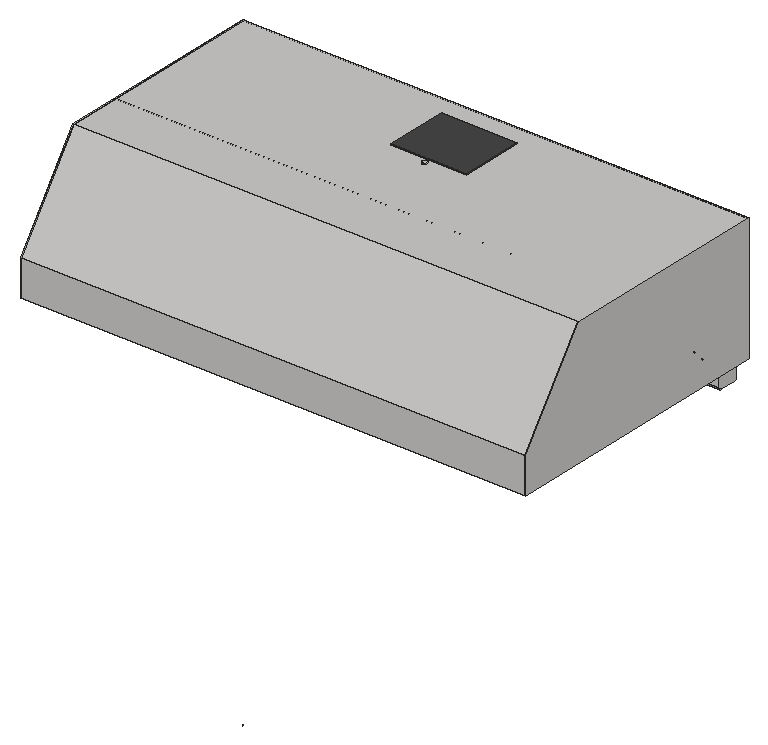
Revit family "QF_ELECTROLUXPROFESSIONAL_644222_ABPV1120BT", category Attrezzature speciali, Revit 2021
Family settings
  Quota connettore circolare = Usa diametro
  Tipo di parte = Normale
  Basato su piano di lavoro = No
  Sempre verticale = Sì
  Taglio con vuoti quando caricato = No
  Condiviso = No
  Punto di calcolo locali = No
Parameters (values of type "Standard")
  Weight = 66.00 kg
  Watts = 420 W
  Volts = 220 V
  URL Manufacturer = "https://www.electroluxprofessional.com/"
  URL = "https://www.electroluxprofessional.com/"
  Steam Supply Size = 0 mm
  Steam Supply Minimum Pressure = 0.0 Pa
  Steam Supply Maximum Pressure = 0.0 Pa
  Steam Consumption per Hour = 0
  Refrigeration Suction Line Size = 0 mm
  Refrigeration Liquid Line Size = 0 mm
  Refrigerant Compressor Remote = yes
  Prospetto di default = 0 mm
  Produttore = "Electrolux Professional"
  Phase = 1
  Modello = "ABPV1120BT"
  Length Actual = 2000 mm  # constant formula
  Item Number = "644222"
  Hot Water Size = 0 mm
  Height Actual = 500 mm  # constant formula
  HP = "0.6 HP"
  Gas Size = 0 mm
  Gas KW = 0
  Gas Input Pressure = 0 W
  Direct Waste Size = 0 mm
  Descrizione = "430 S/S WALL HOOD+FILTER+FAN 2000X1100MM"
  Depth Actual = 1100 mm  # constant formula
  Cycle = 50 Hz
  Condensate Return Size = 0 mm
  Compressed Air Volume = 0.0 L/s
  Compressed Air Size = 0 mm
  Compressed Air Pressure = 0.0 Pa
  Cold Water Size = 0 mm
  Accessory = yes
Reference planes
  plane 1 "Center (Front/Back)": y = 0
  plane 2: z = 0
  plane 3 "Center (Left/Right)": x = 150
  plane 4 "LEFT": x = -850
  plane 5 "RIGHT": x = 1150
  plane 6 "BACK": y = 550
  plane 7 "FRONT": y = -550
  plane 8 "TOP": z = 2500
  plane 9 "Base": z = 2000
  plane 10: z = 1926
  plane 11 "DrainY": y = 485
  plane 12: x = -847
  plane 13: through (0, 414.509, 2000.8) normal (0, 0.7314, 0.682)
  plane 14: y = 470
  plane 15: y = 220
  plane 16 "DrainX": x = 1030
  plane 17: x = 0
  plane 18: x = 300
  plane 19: x = 1147
  plane 20: x = 940
  plane 21: x = 1120
  plane 22: x = -810
  plane 23: x = 1110
  plane 24: x = -47.5
  plane 25: x = 347.5
  plane 26: z = 2140.01
  plane 27: y = 200
Forms (mm)
  Extrusion 1, solid, material "QF_Finishes_Stainless Steel"
    sketch origin (-850, 0, 360) x (0, 1, 0) y (0, 0, 1)
      loop
        line (550, 1640) -> (550, 2140) -> (-290, 2140) -> (-550, 1780.01) -> (-550, 1640) -> (550, 1640)
    from 0 to 3
  Extrusion 2, solid, material "QF_Finishes_Stainless Steel"
    sketch origin (150, 0, 360) x (0, 1, 0) y (0, 0, 1)
      loop
        line (415.255, 1640) -> (550, 1640) -> (550, 2139.19) -> (549.2, 2139.19) -> (549.2, 1640.8) -> (415.876, 1640.8) -> (339.347, 1722.867) -> (349.609, 1732.436) -> (348.927, 1733.167) -> (337.934, 1722.917) -> (415.255, 1640)
      loop
        line (-82.203, 2139.19) -> (-82.203, 2118.6) -> (-31.047, 2118.6) -> (34.354, 2048.466) -> (46.028, 2059.352) -> (45.346, 2060.083) -> (34.403, 2049.879) -> (-30.612, 2119.6) -> (-81.203, 2119.6) -> (-81.203, 2139.19) -> (-82.203, 2139.19)
    from -997 to 997
  Extrusion 3, solid, material "QF_Finishes_Stainless Steel"
    sketch origin (1150, 0, 360) x (0, 1, 0) y (0, 0, 1)
      loop
        line (550, 1640) -> (550, 2140) -> (-290, 2140) -> (-550, 1780.01) -> (-550, 1640) -> (550, 1640)
    from 0 to -3
  Extrusion 4, solid, material "QF_Finishes_Stainless Steel"
    sketch origin (150, 0, 360) x (0, 1, 0) y (0, 0, 1)
      loop
        line (-550, 1780.01) -> (-550, 1640) -> (-549.2, 1640) -> (-549.2, 1779.751) -> (-289.598, 2139.19) -> (550, 2139.19) -> (550, 2140) -> (-290, 2140) -> (-550, 1780.01)
    from -1000 to 1000
  Extrusion 5, solid, material "QF_Finishes_Stainless Steel"
    sketch origin (150, 0, 360) x (0, 1, 0) y (0, 0, 1)
      loop
        line (534, 1640) -> (436, 1640) -> (436, 1627) -> (443.5, 1627) -> (443.5, 1576)
        arc (443.5, 1576) -> (446.429, 1568.929) -> (453.5, 1566) r 10
        line (453.5, 1566) -> (516.5, 1566)
        arc (516.5, 1566) -> (523.571, 1568.929) -> (526.5, 1576) r 10
        line (526.5, 1576) -> (526.5, 1627) -> (534, 1627) -> (534, 1640)
    from 790 to 970
  Extrusion 6, solid, material "QF_Finishes_Stainless Steel"
    sketch origin (0, 0, 2000) x (0, 1, 0) y (-1, 0, 0)
      loop
        circle (485, -1030) r 20
    from -76 to -74
  Extrusion 7, solid, material "QF_Finished_Chrome"
    sketch origin (150, 0, 360) x (0, 1, 0) y (0, 0, 1)
      loop
        line (337.934, 1722.917) -> (341.591, 1726.327) -> (38.011, 2051.876) -> (34.354, 2048.466) -> (337.934, 1722.917)
    from -197.5 to -960
  Extrusion 8, solid, material "QF_Finishes_Stainless Steel"
    sketch origin (150, 0, 360) x (0, 1, 0) y (0, 0, 1)
      loop
        line (337.934, 1722.917) -> (341.591, 1726.327) -> (38.011, 2051.876) -> (34.354, 2048.466) -> (337.934, 1722.917)
    from 997 to 960
  Extrusion 9, solid, material "QF_Finished_Chrome"
    sketch origin (150, 0, 360) x (0, 1, 0) y (0, 0, 1)
      loop
        line (341.588, 1726.324) -> (38.009, 2051.874) -> (34.354, 2048.466) -> (337.934, 1722.917) -> (341.588, 1726.324)
    from 197.5 to 960
  Extrusion 10, solid, material "QF_Finishes_Black"
    sketch origin (0, 0, 2500) x (0, 1, 0) y (-1, 0, 0)
      loop
        line (470, -300) -> (470, 0) -> (220, 0) -> (220, -300) -> (470, -300)
    from 5 to 0
  Extrusion 11, solid, material "QF_Finishes_Stainless Steel"
    sketch origin (0, 0, 0) x (1, 0, 0) y (0, 1, 0)
      loop
        line (-850, 550) -> (-850, 549) -> (-849, 549) -> (-849, 550) -> (-850, 550)
    from 0 to 1
  Extrusion 12, solid, material "QF_Finishes_Stainless Steel"
    sketch origin (150, 0, 360) x (0, 1, 0) y (0, 0, 1)
      loop
        line (337.934, 1722.917) -> (341.591, 1726.327) -> (38.011, 2051.876) -> (34.354, 2048.466) -> (337.934, 1722.917)
    from -960 to -997
  Extrusion 13, solid, material "QF_Finishes_Stainless Steel"
    sketch origin (150, 0, 360) x (0, 1, 0) y (0, 0, 1)
      loop
        line (337.934, 1722.917) -> (341.591, 1726.327) -> (38.011, 2051.876) -> (34.354, 2048.466) -> (337.934, 1722.917)
    from 197.5 to -197.5
  Extrusion 14, solid, material "QF_Finishes_Stainless Steel"
    sketch origin (0, 0, 2500) x (0, 1, 0) y (-1, 0, 0)
      loop
        circle (200, -150) r 10
    from 0 to 1.6
Cuts and joins
  joined: Extrusion 2, Extrusion 4
Lines and regions (mm)
  reference lines
    curve 1: line (150, 34.354, 2408.466) -> (150, 34.354, 2248.466)
  symbolic lines, style "SpecialityEquipment", detail levels coarse
    curve 2: line (1150, 550, 2500) -> (-850, 550, 2500)
    curve 3: line (-850, 550, 2500) -> (-850, -550, 2500)
    curve 4: line (1150, -550, 2500) -> (1150, 550, 2500)
    curve 5: line (-850, -550, 2500) -> (1150, -550, 2500)
    curve 6: line (300, 220, 2500) -> (0, 220, 2500)
    curve 7: line (300, 470, 2500) -> (300, 220, 2500)
    curve 8: line (0, 470, 2500) -> (300, 470, 2500)
    curve 9: line (0, 220, 2500) -> (0, 470, 2500)
    curve 10: line (-850, -290, 0) -> (1150, -290, 0)
    curve 11: line (-850, 550, 0) -> (1150, -290, 0)
    curve 12: line (-850, -290, 0) -> (1150, 550, 0)
Dimensions and locks
  plane 4 "LEFT" to plane 5 "RIGHT" = 2000 mm
  equal spacing: plane 4 "LEFT", plane 3 "Center (Left/Right)", plane 5 "RIGHT"
  locked: plane 8 "TOP" to plane 9 "Base" at 500
  plane 9 "Base" to plane 10 = 74 mm
  plane 6 "BACK" to plane 11 "DrainY" = 65 mm  (x2)
  plane 4 "LEFT" to plane 12 = 3 mm
  plane 6 "BACK" to plane 14 = 80 mm
  plane 14 to plane 15 = 250 mm  (x2)
  plane 16 "DrainX" to plane 5 "RIGHT" = 120 mm
  plane 19 to plane 5 "RIGHT" = 3 mm
  locked: plane 20 to plane 16 "DrainX" at 90
  locked: plane 16 "DrainX" to plane 21 at 90
  plane 6 "BACK" to plane 7 "FRONT" = 1100 mm  (x2)
  equal spacing: plane 6 "BACK", plane 1 "Center (Front/Back)", plane 7 "FRONT"
  plane 15 to plane 7 "FRONT" = 770 mm
  plane 14 to plane 6 "BACK" = 80 mm
  locked: plane 4 "LEFT" to plane 22 at 40
  locked: plane 23 to plane 5 "RIGHT" at 40
  locked: plane 24 to plane 25 at 395
  equal spacing: plane 24, plane 3 "Center (Left/Right)", plane 25
  locked: plane 17 to plane 18 at 300
  equal spacing: plane 17, plane 3 "Center (Left/Right)", plane 18
  curve 10 to plane 7 "FRONT" = 260 mm
  curve 10 to plane 6 "BACK" = 840 mm
  plane 9 "Base" to level = 2000 mm
  plane 26 to plane 9 "Base" = 140.01 mm
  plane 15 to plane 27 = 20 mm
  aligned and locked: level to plane 2
  aligned and locked: Extrusion 2 to Extrusion 1
  aligned and locked: Extrusion 2 to Extrusion 3
  aligned and locked: plane 5 "RIGHT" to Extrusion 4
  aligned and locked: Extrusion 4 to plane 4 "LEFT"
  aligned and locked: plane 19 to Extrusion 8
  aligned and locked: Extrusion 10 to plane 17
  aligned and locked: Extrusion 10 to plane 15
  aligned and locked: Extrusion 10 to plane 14
  aligned and locked: Extrusion 2 to Extrusion 4
  aligned and locked: plane 21 to Extrusion 5
  aligned and locked: Extrusion 5 to plane 20
  aligned and locked: Extrusion 8 to plane 23
  aligned and locked: Extrusion 9 to plane 23
  aligned and locked: Extrusion 7 to plane 22
  aligned and locked: Extrusion 12 to plane 12
  aligned and locked: plane 22 to Extrusion 12
  aligned and locked: Extrusion 3 to plane 19
  aligned and locked: Extrusion 10 to plane 18
  aligned and locked: plane 18 to curve 7
  aligned and locked: plane 25 to Extrusion 13
  aligned and locked: Extrusion 13 to plane 24
  aligned and locked: Extrusion 9 to plane 25
Automatic sketch dimensions
  curve 5 to plane 5 "RIGHT" = 0 mm
  curve 5 to plane 7 "FRONT" = 0 mm
  curve 6 to plane 15 = 0 mm
  plane 14 to curve 8 = 0 mm
  curve 3 to plane 4 "LEFT" = 0 mm
  curve 3 to plane 6 "BACK" = 0 mm
  curve 6 to plane 17 = 0 mm
  Extrusion 2 sketch curve to plane 13 = 0 mm  (x3)
  Extrusion 2 sketch curve to plane 9 "Base" = 0 mm
  plane 13 to Extrusion 2 sketch curve = 0 mm
  Extrusion 2 sketch curve to plane 6 "BACK" = 0 mm
  Extrusion 2 sketch curve to Extrusion 2 sketch curve = 65.646 mm
  Extrusion 2 sketch curve to Extrusion 2 sketch curve = 0.682 mm  (x2)
  Extrusion 2 sketch curve to Extrusion 2 sketch curve = 10.261 mm
  plane 9 "Base" to Extrusion 2 sketch curve = 82.917 mm
  Extrusion 2 sketch curve to plane 1 "Center (Front/Back)" = 46.028 mm
  Extrusion 2 sketch curve to Extrusion 2 sketch curve = 10.942 mm
  Extrusion 2 sketch curve to Extrusion 2 sketch curve = 0.049 mm
  Extrusion 2 sketch curve to plane 8 "TOP" = 20.4 mm
  Extrusion 2 sketch curve to plane 8 "TOP" = 21.4 mm
  Extrusion 2 sketch curve to plane 8 "TOP" = 0.81 mm  (x2)
  Extrusion 2 sketch curve to Extrusion 2 sketch curve = 50.156 mm
  Extrusion 2 sketch curve to Extrusion 2 sketch curve = 1 mm
  plane 9 "Base" to Extrusion 2 sketch curve = 0.8 mm
  Extrusion 2 sketch curve to plane 6 "BACK" = 0.8 mm
  curve 1 to plane 13 = 0 mm
  curve 1 to plane 1 "Center (Front/Back)" = 34.354 mm
  Extrusion 5 sketch curve to plane 9 "Base" = 0 mm
  Extrusion 5 sketch curve to plane 10 = 0 mm
  Extrusion 5 sketch curve to plane 9 "Base" = 13 mm  (x2)
  plane 14 to Extrusion 5 sketch curve = 34 mm
  Extrusion 5 sketch curve to Extrusion 5 sketch curve = 7.5 mm  (x2)
  Extrusion 5 sketch curve to Extrusion 5 sketch curve = 10 mm
  plane 11 "DrainY" to Extrusion 5 sketch curve = 31.5 mm
  Extrusion 5 sketch curve to plane 6 "BACK" = 23.5 mm
  Extrusion 6 sketch curve to plane 11 "DrainY" = 0 mm
  Extrusion 6 sketch curve to plane 16 "DrainX" = 0 mm
  Extrusion 7 sketch curve to plane 13 = 0 mm  (x2)
  Extrusion 7 sketch curve to plane 1 "Center (Front/Back)" = 34.354 mm
  Extrusion 7 sketch curve to Extrusion 7 sketch curve = 3.657 mm
  plane 9 "Base" to Extrusion 7 sketch curve = 82.917 mm
  Extrusion 8 sketch curve to plane 13 = 0 mm  (x2)
  Extrusion 8 sketch curve to plane 1 "Center (Front/Back)" = 34.354 mm
  Extrusion 8 sketch curve to Extrusion 8 sketch curve = 3.657 mm
  plane 9 "Base" to Extrusion 8 sketch curve = 82.917 mm
  Extrusion 9 sketch curve to plane 13 = 0 mm  (x2)
  Extrusion 9 sketch curve to plane 1 "Center (Front/Back)" = 34.354 mm
  Extrusion 9 sketch curve to Extrusion 9 sketch curve = 3.655 mm
  plane 9 "Base" to Extrusion 9 sketch curve = 82.917 mm
  Extrusion 10 sketch curve to plane 15 = 0 mm
  plane 14 to Extrusion 10 sketch curve = 0 mm
  Extrusion 10 sketch curve to plane 18 = 0 mm
  Extrusion 10 sketch curve to plane 17 = 0 mm
  Extrusion 11 sketch curve to plane 4 "LEFT" = 0 mm
  Extrusion 11 sketch curve to plane 6 "BACK" = 0 mm
  plane 4 "LEFT" to Extrusion 11 sketch curve = 1 mm
  Extrusion 11 sketch curve to Extrusion 11 sketch curve = 1 mm
  Extrusion 12 sketch curve to plane 13 = 0 mm  (x2)
  Extrusion 12 sketch curve to plane 1 "Center (Front/Back)" = 34.354 mm
  Extrusion 12 sketch curve to Extrusion 12 sketch curve = 3.657 mm
  plane 9 "Base" to Extrusion 12 sketch curve = 82.917 mm
  Extrusion 13 sketch curve to plane 13 = 0 mm  (x2)
  Extrusion 13 sketch curve to plane 1 "Center (Front/Back)" = 34.354 mm
  Extrusion 13 sketch curve to Extrusion 13 sketch curve = 3.657 mm
  plane 9 "Base" to Extrusion 13 sketch curve = 82.917 mm
  Extrusion 4 sketch curve to plane 7 "FRONT" = 0 mm
  Extrusion 4 sketch curve to plane 9 "Base" = 0 mm
  Extrusion 4 sketch curve to plane 8 "TOP" = 0 mm
  Extrusion 4 sketch curve to plane 6 "BACK" = 0 mm
  Extrusion 4 sketch curve to Extrusion 4 sketch curve = 0.8 mm
  plane 9 "Base" to Extrusion 4 sketch curve = 140.01 mm
  Extrusion 4 sketch curve to Extrusion 4 sketch curve = 0.81 mm
  Extrusion 4 sketch curve to Extrusion 4 sketch curve = 0.259 mm
  Extrusion 4 sketch curve to Extrusion 4 sketch curve = 0.402 mm
  plane 7 "FRONT" to Extrusion 4 sketch curve = 260 mm
  Extrusion 3 sketch curve to plane 7 "FRONT" = 0 mm
  Extrusion 3 sketch curve to plane 8 "TOP" = 0 mm
  Extrusion 3 sketch curve to plane 6 "BACK" = 0 mm
  Extrusion 3 sketch curve to plane 9 "Base" = 0 mm
  plane 9 "Base" to Extrusion 3 sketch curve = 140.01 mm
  plane 7 "FRONT" to Extrusion 3 sketch curve = 260 mm
  Extrusion 1 sketch curve to plane 7 "FRONT" = 0 mm
  Extrusion 1 sketch curve to plane 8 "TOP" = 0 mm
  Extrusion 1 sketch curve to plane 6 "BACK" = 0 mm
  Extrusion 1 sketch curve to plane 9 "Base" = 0 mm
  plane 9 "Base" to Extrusion 1 sketch curve = 140.01 mm
  plane 7 "FRONT" to Extrusion 1 sketch curve = 260 mm
  curve 1 to curve 1 = 160 mm
  curve 11 to plane 4 "LEFT" = 0 mm
  curve 10 to plane 4 "LEFT" = 0 mm
  curve 11 to plane 5 "RIGHT" = 0 mm
  curve 12 to plane 5 "RIGHT" = 0 mm
  curve 12 to plane 6 "BACK" = 0 mm
  curve 11 to plane 6 "BACK" = 0 mm
  Extrusion 14 sketch curve to plane 3 "Center (Left/Right)" = 0 mm
  Extrusion 14 sketch curve to plane 27 = 0 mm
  radius of Extrusion 6 sketch curve = 20 mm
  radius of Extrusion 14 sketch curve = 10 mm
Connectors
  piping at (1030, 485, 1924), diameter 20
    settings: on Extrusion 6, index 1, connector inside diameter 609.6 mm, connector length 0 mm, flow factor 0, pipe flow 0.0 L/s, pressure drop 0.0 Pa, fitting loss kfactor 0, connector angle 0.00°, fixture units 0, engagement length 0 mm, angle of deflection 0.00°, flow configuration 1, flow direction 2, fitting loss method 0, system type 16, joint type 0, gender type 0, connector reference index -1, connector utility 0, adjustable connector no, is connector primary yes, connector description "Drain"
  hvac at (150, 345, 2505)
    settings: on Extrusion 10, index 2, duct flow 0.0 L/s, flow factor 0, pres drop 0.0 Pa, loss coef 0, conn angle 0.00°, conn width 250 mm, conn height 300 mm, conn diameter 609.6 mm, duct sys type 3, conn prof type 1, flow config 0, flow direction 2, loss method 0, conn ref index -1, conn util no, is conn primary yes, conn desc "EXHAUST OUTLET"
  electrical at (150, 200, 2501.6), driven by "Volts"
    settings: on Extrusion 14, index 3, voltage 220 V, apparent load 0 VA, apparent load phase1 0 VA, apparent load phase2 0 VA, apparent load phase3 0 VA, power factor 1, load classification "Other", number of poles 1, system type 30, power factor state 1, is connector primary yes, connector utility no, sub classification motor no, connector description "Electrical Connection"
